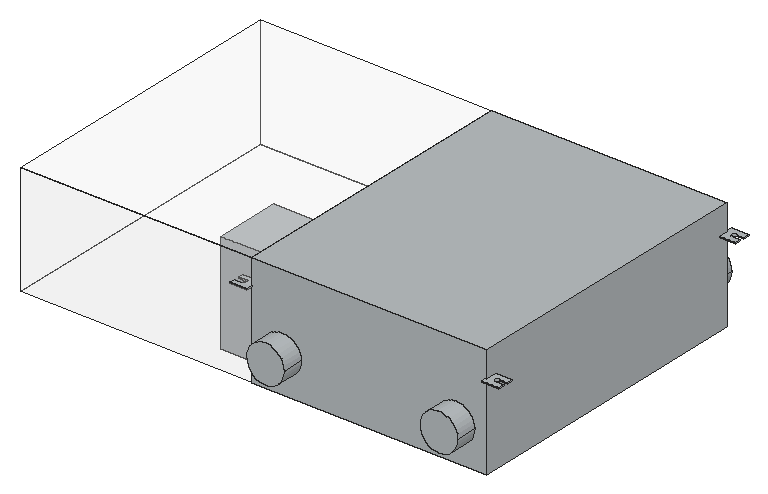
Revit family "lgh-n15_100rx4(d)_50Hz", category 機械設備, Revit 2019
Family settings
  丸型コネクタ寸法 = 直径を使用
  パーツ タイプ = 標準
  OmniClass 番号 = 23.75.10.34.21
  OmniClass タイトル = Heat Exchangers for Ventilation Air
  作業面ベース = いいえ
  常に垂直 = はい
  ロード時にボイドで切り取り = いいえ
  共有 = いいえ
  部屋計算ポイント = はい
Parameters (values of type "LGH-N15RX4")
  騒音レベル(dB(A)) = 26.5
  風量 = 150.0 m³/h
  面風速 = 5.31 m/s
  電源種別 [instance] = "一般"
  電圧 = 100 V
  電動機出力 = 0 W
  集中コントローラ = ""
  運転質量 = 0.00 kg
  連動 [instance] = ""
  質量 = if(製品質量 > 運転質量, 製品質量, 運転質量) * 1.2  # 26.40 kg
  負荷分類 = 3_ファン類
  説明 = "業務用ロスナイ 天井埋込形"
  設計風量 = 0.0 m³/h
  設置方法 = "天井吊(隠ぺい)形"
  記号 [instance] = ""
  製造元 = "MITSIBISHI ELECTRIC"
  製品質量 = 22.00 kg
  製品出荷対象 = "国内"
  製品リリース年月 = "2023/5/15"
  製品グループ = ""
  系統 [instance] = ""
  符号 = "HEU"
  積算_科目 = "1 空気調和設備"
  積算_拾い区分 [instance] = ""
  相 = 1
  盤記号 [instance] = ""
  発停方法 [instance] = ""
  特殊仕様 [instance] = ""
  点検口高さ = -Height  # -289 mm
  点検口離隔 = 150 mm
  点検口_Depth = 450 mm
  点検口 = yes
  火災停止 [instance] = ""
  温度交換効率 = 74.00%
  消費電力 = 102 W
  法定耐用年数 = "15"
  機外静圧_排気 = 115.0 Pa
  機外静圧 = 115.0 Pa
  極数 = 2
  材質 [instance] = ""
  本体マテリアル = 溶融亜鉛めっき鋼板
  操作・制御方式 = ""
  操作・制御スイッチ = ""
  排気量 = 0.0 m³/h
  形式 = "天井埋込ダクト形"
  幹線記号 [instance] = ""
  対象室 [instance] = ""
  実風量 = 0.0 m³/h
  始動方式 [instance] = "直入"
  天吊金具_径 = 13 mm
  天吊金具_幅 = 20 mm
  外気量 = 設計風量  # 0.0 m³/h
  呼称 = "全熱交換ユニット"
  周波数 = 50 Hz
  天吊金具ピッチ2 = 768 mm
  天吊金具ピッチ1 = 658 mm
  天吊金具_高さ = 65 mm
  参照している仕様書等のバージョン = "公共建築工事標準仕様書（機械設備工事編）平成31年度版"
  初期抵抗 = 0.0 Pa
  分類コード = "50052504100070"
  分類グループ = ""
  価格 = 274000
  企業コード = "108420"
  付属品_フィルター_還気 = ""
  付属品_フィルター = ""
  付属品 [instance] = ""
  仕様書バージョン = "Version1.0"
  モデル = "LGH-N15RX4"
  メンテナンススペース = yes
  ダクト径 = 100 mm
  コメント [instance] = ""
  Keynote = ""
  エンタルピ交換効率_暖房 = 75.50%
  エンタルピ交換効率_冷房 = 64.50%
  Assembly Code = ""
  Width = 610 mm
  Version = ""
  Uniclass2015Version = "Systems v1.9"
  Uniclass2015Title = "Thermal wheels"
  Uniclass2015Code = "Pr_60_60_36_88"
  URL = "https://www.mitsubishielectric.co.jp/ldg/wink/qr/002/324469/"
  SpecificationReference = ""
  SpecificationDescription = ""
  SMAX風量 = 0.0 m³/h
  SMAX静圧 = 0.0 Pa
  SAサイズ_D = 97.5 mm
  Revision = ""
  RAサイズ_D = 97.5 mm
  ProductInformation = ""
  OmniClassCode = "23-27 23 19 11"
  OAダクト接続口方向_標準 = yes
  OAダクト接続口方向_変更 = not(OAダクト接続口方向_標準)  # no
  OAサイズ_W = 0 mm
  OAサイズ_D = 97.5 mm
  MIN風量 = 85.0 m³/h
  MIN静圧 = 37.0 Pa
  MID風量 = 110.0 m³/h
  MID静圧 = 62.0 Pa
  MAX風量 = 150.0 m³/h
  MAX静圧 = 115.0 Pa
  IfcTypeProduct = ""
  IfcProduct = ""
  IfcExportType = "ROTARYWHEEL"
  IfcExportAs = "IfcAirToAirHeatRecoveryType"
  Height = 289 mm
  EAダクト接続口方向_変更 = not(EAダクト接続口方向_標準)  # no
  EAダクト接続口方向_標準 = yes
  EAサイズ_W = 0 mm
  EAサイズ_D = 97.5 mm
  Duct_Pitch = 450 mm
  Duct_Height = 194.5 mm
  Duct_Depth = 54 mm
  DuctChange_Center = 119 mm
  Depth = 780 mm
  Clearance Top = 0 mm
  Clearance Left = 600 mm
  Clearance Bottom = 0 mm
  Box_Width = 115 mm
  Box_Height = 262 mm
  Box_H = 10 mm
  Box_Depth = 172 mm
  Box_D = 45 mm
  Author = "MITSUBISHI ELECTRIC"
Types (14, lengths in mm): name | 騒音レベル(dB(A)) | 風量 | 面風速 | 電圧 | 質量 | 製品質量 | 点検口高さ | 温度交換効率 | 消費電力 | 機外静圧_排気 | 機外静圧 | 極数 | 天吊金具ピッチ2 | 天吊金具ピッチ1 | 天吊金具_高さ | 参照している仕様書等のバージョン | 価格 | モデル | ダクト径 | エンタルピ交換効率_暖房 | エンタルピ交換効率_冷房 | Width | URL | SMAX風量 | SMAX静圧 | SAサイズ_D | RAサイズ_D | OAサイズ_D | MIN風量 | MIN静圧 | MID風量 | MID静圧 | MAX風量 | MAX静圧 | Height | EAサイズ_D | Duct_Pitch | Duct_Height | Duct_Depth | DuctChange_Center | Depth | Box_H | Box_D
  LGH-N15RX4 | 26.5 | 150.0 m³/h | 5.31 m/s | 100 V | 26.40 kg | 22.00 kg | -289 | 74.00% | 102 W | 115.0 Pa | 115.0 Pa | 2 | 768 | 658 | 65 | "公共建築工事標準仕様書（機械設備工事編）平成31年度版" | 274000 | "LGH-N15RX4" | 100 | 75.50% | 64.50% | 610 | "https://www.mitsubishielectric.co.jp/ldg/wink/qr/002/324469/" | 0.0 m³/h | 0.0 Pa | 97.5 | 97.5 | 97.5 | 85.0 m³/h | 37.0 Pa | 110.0 m³/h | 62.0 Pa | 150.0 m³/h | 115.0 Pa | 289 | 97.5 | 450 | 194.5 | 54 | 119 | 780 | 10 | 45
  LGH-N15RX4D | 26.5 | 150.0 m³/h | 5.31 m/s | 200 V | 26.40 kg | 22.00 kg | -289 | 74.00% | 108 W | 115.0 Pa | 115.0 Pa | 3 | 768 | 658 | 65 | "公共建築工事標準仕様書（機械設備工事編）平成31年度版" | 274000 | "LGH-N15RX4D" | 100 | 75.50% | 64.50% | 610 | "https://www.mitsubishielectric.co.jp/ldg/wink/qr/002/324470/" | 0.0 m³/h | 0.0 Pa | 97.5 | 97.5 | 97.5 | 95.0 m³/h | 46.0 Pa | 110.0 m³/h | 62.0 Pa | 150.0 m³/h | 115.0 Pa | 289 | 97.5 | 450 | 194.5 | 54 | 119 | 780 | 10 | 45
  LGH-N25RX4 | 28.5 | 250.0 m³/h | 3.93 m/s | 100 V | 27.60 kg | 23.00 kg | -289 | 70.00% | 115 W | 95.0 Pa | 95.0 Pa | 2 | 768 | 782 | 65 | "公共建築工事標準仕様書（機械設備工事編）平成31年度版" | 298000 | "LGH-N25RX4" | 150 | 73.00% | 63.00% | 735 | "https://www.mitsubishielectric.co.jp/ldg/wink/qr/002/324472/" | 0.0 m³/h | 0.0 Pa | 142 | 142 | 142 | 130.0 m³/h | 26.0 Pa | 170.0 m³/h | 44.0 Pa | 250.0 m³/h | 95.0 Pa | 289 | 142 | 530 | 174.5 | 64 | 102 | 780 | 10 | 45
  LGH-N25RX4D | 28.5 | 250.0 m³/h | 3.93 m/s | 200 V | 27.60 kg | 23.00 kg | -289 | 70.00% | 132 W | 95.0 Pa | 95.0 Pa | 3 | 768 | 782 | 65 | "公共建築工事標準仕様書（機械設備工事編）平成31年度版" | 298000 | "LGH-N25RX4D" | 150 | 73.00% | 63.00% | 735 | "https://www.mitsubishielectric.co.jp/ldg/wink/qr/002/324473/" | 0.0 m³/h | 0.0 Pa | 142 | 142 | 142 | 130.0 m³/h | 26.0 Pa | 170.0 m³/h | 44.0 Pa | 250.0 m³/h | 95.0 Pa | 289 | 142 | 530 | 174.5 | 64 | 102 | 780 | 10 | 45
  LGH-N35RX4 | 31 | 350.0 m³/h | 5.5 m/s | 100 V | 38.40 kg | 32.00 kg | -331 | 71.50% | 194 W | 165.0 Pa | 165.0 Pa | 2 | 875 | 921 | 85 | "公共建築工事標準仕様書（機械設備工事編）平成31年度版" | 329000 | "LGH-N35RX4" | 150 | 76.00% | 64.00% | 874 | "https://www.mitsubishielectric.co.jp/ldg/wink/qr/002/324474/" | 350.0 m³/h | 165.0 Pa | 142 | 142 | 142 | 160.0 m³/h | 30.0 Pa | 225.0 m³/h | 60.0 Pa | 350.0 m³/h | 145.0 Pa | 331 | 142 | 650 | 220.5 | 64 | 124 | 888 | 57.3 | 51.2
  LGH-N35RX4D | 31 | 350.0 m³/h | 5.5 m/s | 200 V | 38.40 kg | 32.00 kg | -331 | 71.50% | 182 W | 165.0 Pa | 165.0 Pa | 3 | 875 | 921 | 85 | "公共建築工事標準仕様書（機械設備工事編）平成31年度版" | 329000 | "LGH-N35RX4D" | 150 | 76.00% | 64.00% | 874 | "https://www.mitsubishielectric.co.jp/ldg/wink/qr/002/324475/" | 350.0 m³/h | 165.0 Pa | 142 | 142 | 142 | 175.0 m³/h | 36.0 Pa | 200.0 m³/h | 47.0 Pa | 350.0 m³/h | 145.0 Pa | 331 | 142 | 650 | 220.5 | 64 | 124 | 888 | 57.3 | 51.2
  LGH-N50RX4 | 36 | 500.0 m³/h | 4.42 m/s | 100 V | 43.20 kg | 36.00 kg | -331 | 71.00% | 258 W | 160.0 Pa | 160.0 Pa | 2 | 875 | 1063 | 85 | "公共建築工事標準仕様書（機械設備工事編）平成31年度版" | 403000 | "LGH-N50RX4" | 200 | 73.00% | 63.00% | 1016 | "https://www.mitsubishielectric.co.jp/ldg/wink/qr/002/324476/" | 500.0 m³/h | 160.0 Pa | 192 | 192 | 192 | 235.0 m³/h | 31.0 Pa | 385.0 m³/h | 83.0 Pa | 500.0 m³/h | 140.0 Pa | 331 | 192 | 745 | 195.5 | 79 | 124 | 888 | 57.3 | 51.2
  LGH-N50RX4D | 35.5 | 500.0 m³/h | 4.42 m/s | 200 V | 43.20 kg | 36.00 kg | -331 | 71.00% | 248 W | 160.0 Pa | 160.0 Pa | 3 | 875 | 1063 | 85 | "公共建築工事標準仕様書（機械設備工事編）平成31年度版" | 403000 | "LGH-N50RX4D" | 200 | 73.00% | 63.00% | 1016 | "https://www.mitsubishielectric.co.jp/ldg/wink/qr/002/324477/" | 500.0 m³/h | 160.0 Pa | 192 | 192 | 192 | 260.0 m³/h | 38.0 Pa | 300.0 m³/h | 50.0 Pa | 500.0 m³/h | 140.0 Pa | 331 | 192 | 745 | 195.5 | 79 | 124 | 888 | 57.3 | 51.2
  LGH-N65RX4 | 37 | 650.0 m³/h | 5.75 m/s | 100 V | 57.60 kg | 48.00 kg | -404 | 71.50% | 395 W | 180.0 Pa | 180.0 Pa | 2 | 895 | 1001 | 70 | "公共建築工事標準仕様書（機械設備工事編）平成31年度版" | 542000 | "LGH-N65RX4" | 200 | 72.00% | 63.00% | 954 | "https://www.mitsubishielectric.co.jp/ldg/wink/qr/002/324478/" | 650.0 m³/h | 180.0 Pa | 192 | 192 | 192 | 340.0 m³/h | 45.0 Pa | 490.0 m³/h | 94.0 Pa | 650.0 m³/h | 165.0 Pa | 404 | 192 | 692 | 242 | 79 | 124 | 908 | 71.3 | 44.3
  LGH-N65RX4D | 37 | 650.0 m³/h | 5.75 m/s | 200 V | 57.60 kg | 48.00 kg | -404 | 71.50% | 395 W | 180.0 Pa | 180.0 Pa | 3 | 895 | 1001 | 70 | "公共建築工事標準仕様書（機械設備工事編）平成31年度版" | 542000 | "LGH-N65RX4D" | 200 | 72.00% | 63.00% | 954 | "https://www.mitsubishielectric.co.jp/ldg/wink/qr/002/324479/" | 650.0 m³/h | 180.0 Pa | 192 | 192 | 192 | 360.0 m³/h | 51.0 Pa | 500.0 m³/h | 98.0 Pa | 650.0 m³/h | 165.0 Pa | 404 | 192 | 692 | 242 | 79 | 124 | 908 | 71.3 | 44.3
  LGH-N80RX4 | 35 | 800.0 m³/h | 4.53 m/s | 100 V | 69.60 kg | 58.00 kg | -404 | 73.00% | 430 W | 170.0 Pa | 170.0 Pa | 2 | 1131 | 1051 | 77 | "公共建築工事標準仕様書（機械設備工事編）平成31年度版" | 646000 | "LGH-N80RX4" | 250 | 75.00% | 65.00% | 1004 | "https://www.mitsubishielectric.co.jp/ldg/wink/qr/002/324480/" | 800.0 m³/h | 170.0 Pa | 242 | 242 | 242 | 380.0 m³/h | 34.0 Pa | 660.0 m³/h | 102.0 Pa | 800.0 m³/h | 150.0 Pa | 404 | 242 | 690 | 242 | 79 | 165 | 1144 | 125 | 144
  LGH-N80RX4D | 35.5 | 800.0 m³/h | 4.53 m/s | 200 V | 69.60 kg | 58.00 kg | -404 | 73.00% | 410 W | 170.0 Pa | 170.0 Pa | 3 | 1131 | 1051 | 77 | "公共建築工事標準仕様書（機械設備工事編）平成31年度版" | 646000 | "LGH-N80RX4D" | 250 | 75.00% | 65.00% | 1004 | "https://www.mitsubishielectric.co.jp/ldg/wink/qr/002/324481/" | 800.0 m³/h | 170.0 Pa | 242 | 242 | 242 | 390.0 m³/h | 36.0 Pa | 630.0 m³/h | 93.0 Pa | 800.0 m³/h | 150.0 Pa | 404 | 242 | 690 | 242 | 79 | 165 | 1144 | 125 | 144
  LGH-N100RX4 | 36.5 | 1000.0 m³/h | 5.66 m/s | 100 V | 76.80 kg | 64.00 kg | -404 | 73.00% | 535 W | 170.0 Pa | 170.0 Pa | 2 | 1131 | 1278 | 77 | "" | 737000 | "LGH-N100RX4" | 250 | 75.00% | 65.00% | 1231 | "https://www.mitsubishielectric.co.jp/ldg/wink/qr/002/324466/" | 1000.0 m³/h | 170.0 Pa | 242 | 242 | 242 | 470.0 m³/h | 33.0 Pa | 740.0 m³/h | 82.0 Pa | 1000.0 m³/h | 150.0 Pa | 404 | 242 | 917 | 242 | 79 | 165 | 1144 | 125 | 144
  LGH-N100RX4D | 36.5 | 1000.0 m³/h | 5.66 m/s | 200 V | 76.80 kg | 64.00 kg | -404 | 73.00% | 525 W | 170.0 Pa | 170.0 Pa | 3 | 1131 | 1278 | 77 | "" | 737000 | "LGH-N100RX4D" | 250 | 75.00% | 65.00% | 1231 | "https://www.mitsubishielectric.co.jp/ldg/wink/qr/002/324467/" | 1000.0 m³/h | 170.0 Pa | 242 | 242 | 242 | 420.0 m³/h | 26.0 Pa | 700.0 m³/h | 74.0 Pa | 1000.0 m³/h | 150.0 Pa | 404 | 242 | 917 | 242 | 79 | 165 | 1144 | 125 | 144
Reference planes
  plane 1 "中心(正面/背面)": y = 0
  plane 2: z = 0
  plane 3 "中心(左/右)": x = 0
  plane 4: x = -305
  plane 5: x = 305
  plane 6: y = 390
  plane 7: y = -390
  plane 8: z = -289
  plane 9: z = -194.5
  plane 10: x = -225
  plane 11: x = 225
  plane 12: y = -444
  plane 13: y = 444
  plane 14: y = 271
  plane 15: x = -359
  plane 16: x = 359
  plane 17: x = -905
  plane 18: y = -345
  plane 19: y = -173
  plane 20: z = -10
  plane 21: z = -272
  plane 22: x = -420
  plane 23: x = -455
  plane 24: y = 225
  plane 25: x = -329
  plane 26: x = 329
  plane 27: y = 384
  plane 28: y = -384
  plane 29: y = -225
  plane 30: x = -349
  plane 31: y = 404
  plane 32: y = 364
  plane 33: y = -364
  plane 34: y = -404
  plane 35: z = -5
  plane 36: z = -65
  plane 37: z = -68
  plane 38: x = 349
  plane 39: z = 0
  plane 40: z = -289
Forms (mm)
  Extrusion 1, solid, material "溶融亜鉛めっき鋼板" <- "本体マテリアル", detail levels fine
    sketch origin (0, 0, 0) x (1, 0, 0) y (0, 1, 0)
      loop
        line (-305, 390) -> (-305, -390) -> (305, -390) -> (305, 390) -> (-305, 390)
    from 0 to -289
  Extrusion 2, solid, material "溶融亜鉛めっき鋼板" <- "本体マテリアル", detail levels fine
    sketch origin (510, -445, 0) x (-1, 0, 0) y (0, 0, -1)
      loop
        circle (285, 194.5) r 48.75
    from -55 to -1
  Extrusion 3, solid, material "溶融亜鉛めっき鋼板" <- "本体マテリアル", detail levels fine
    sketch origin (-305, -390, 0) x (0, 1, 0) y (0, 0, -1)
      loop
        line (217, 10) -> (217, 272) -> (45, 272) -> (45, 10) -> (217, 10)
    from 0 to 115
  Extrusion 4, solid, material "溶融亜鉛めっき鋼板" <- "本体マテリアル", detail levels fine
    sketch origin (0, 0, 0) x (1, 0, 0) y (0, 1, 0)
      loop
        line (-349, 404) -> (-349, 390.5) -> (-329, 390.5)
        arc (-329, 390.5) -> (-322.5, 384) -> (-329, 377.5) r 6.5
        line (-329, 377.5) -> (-349, 377.5) -> (-349, 364) -> (-305, 364) -> (-305, 404) -> (-349, 404)
    from -65 to -68
  Extrusion 5, solid, material "溶融亜鉛めっき鋼板" <- "本体マテリアル", detail levels fine
    sketch origin (0, 0, 0) x (1, 0, 0) y (0, 1, 0)
      loop
        line (-349, -404) -> (-305, -404) -> (-305, -364) -> (-349, -364) -> (-349, -377.5) -> (-329, -377.5)
        arc (-329, -377.5) -> (-322.5, -384) -> (-329, -390.5) r 6.5
        line (-329, -390.5) -> (-349, -390.5) -> (-349, -404)
    from -65 to -68
  Extrusion 6, solid, material "溶融亜鉛めっき鋼板" <- "本体マテリアル", detail levels fine
    sketch origin (0, 0, 0) x (-1, 0, 0) y (0, -1, 0)
      loop
        line (-349, 404) -> (-349, 390.5) -> (-329, 390.5)
        arc (-329, 390.5) -> (-322.5, 384) -> (-329, 377.5) r 6.5
        line (-329, 377.5) -> (-349, 377.5) -> (-349, 364) -> (-305, 364) -> (-305, 404) -> (-349, 404)
    from -65 to -68
  Extrusion 7, solid, material "溶融亜鉛めっき鋼板" <- "本体マテリアル", detail levels fine
    sketch origin (0, 0, 0) x (-1, 0, 0) y (0, -1, 0)
      loop
        line (-349, -404) -> (-305, -404) -> (-305, -364) -> (-349, -364) -> (-349, -377.5) -> (-329, -377.5)
        arc (-329, -377.5) -> (-322.5, -384) -> (-329, -390.5) r 6.5
        line (-329, -390.5) -> (-349, -390.5) -> (-349, -404)
    from -65 to -68
  Extrusion 8, solid, material "溶融亜鉛めっき鋼板" <- "本体マテリアル", visible <- "EAダクト接続口方向_標準", detail levels fine
    sketch origin (510, 445, 0) x (-1, 0, 0) y (0, 0, 1)
      loop
        circle (285, -194.5) r 48.75
    from -55 to -1
  Extrusion 9, solid, material "溶融亜鉛めっき鋼板" <- "本体マテリアル", visible <- "OAダクト接続口方向_標準", detail levels fine
    sketch origin (-510, 445, 0) x (1, 0, 0) y (0, 0, -1)
      loop
        circle (285, 194.5) r 48.75
    from -55 to -1
  Extrusion 10, solid, material "溶融亜鉛めっき鋼板" <- "本体マテリアル", detail levels fine
    sketch origin (-510, -445, 0) x (1, 0, 0) y (0, 0, 1)
      loop
        circle (285, -194.5) r 48.75
    from -55 to -1
  Extrusion 11, solid, material "溶融亜鉛めっき鋼板" <- "本体マテリアル", visible <- "EAダクト接続口方向_変更", detail levels fine
    sketch origin (0, 0, 0) x (0, 1, 0) y (0, 0, 1)
      loop
        circle (271, -194.5) r 48.75
    from 305 to 359
  Extrusion 12, solid, material "溶融亜鉛めっき鋼板" <- "本体マテリアル", visible <- "OAダクト接続口方向_変更", detail levels fine
    sketch origin (0, 0, 0) x (0, 1, 0) y (0, 0, -1)
      loop
        circle (271, 194.5) r 48.75
    from 305 to 359
Lines and regions (mm)
  Masking region 1, detail levels coarse+medium
    outline origin (1326.5, 29, 0) x (1, 0, 0) y (0, 1, 0)
      loop
        line (-1631.5, 361) -> (-1631.5, -419) -> (-1021.5, -419) -> (-1021.5, 361) -> (-1631.5, 361)
  symbolic lines, detail levels coarse+medium
    curve 1: line (0, 390, 0) -> (-305, 0, 0)
    curve 2: line (-305, 0, 0) -> (0, -390, 0)
    curve 3: line (0, -390, 0) -> (305, 0, 0)
    curve 4: line (305, 0, 0) -> (0, 390, 0)
Dimensions and locks
  equal spacing: plane 4, plane 3 "中心(左/右)", plane 5
  "Width": plane 4 to plane 5
  equal spacing: plane 6, plane 1 "中心(正面/背面)", plane 7
  "Depth": plane 6 to plane 7
  "Height": level to plane 8
  "Duct_Height": level to plane 9
  equal spacing: plane 11, plane 3 "中心(左/右)", plane 10
  "Duct_Pitch": plane 11 to plane 10
  "Duct_Depth": plane 13 to plane 6
  "Duct_Depth": plane 7 to plane 12
  "DuctChange_Center": plane 6 to plane 14
  "Duct_Depth": plane 5 to plane 16
  "Duct_Depth": plane 15 to plane 4
  "Clearance Left": plane 17 to plane 4
  "Box_H": level to plane 20
  "Box_Height": plane 20 to plane 21
  "Box_D": plane 18 to plane 7
  "Box_Depth": plane 19 to plane 18
  "Box_Width": plane 22 to plane 4
  "点検口離隔": plane 23 to plane 4
  equal spacing: plane 25, plane 3 "中心(左/右)", plane 26
  "天吊金具ピッチ1": plane 25 to plane 26
  equal spacing: plane 27, plane 1 "中心(正面/背面)", plane 28
  "天吊金具ピッチ2": plane 27 to plane 28
  equal spacing: plane 24, plane 1 "中心(正面/背面)", plane 29
  "点検口_Depth": plane 24 to plane 29
  equal spacing: plane 31, plane 27, plane 32
  locked: plane 31 to plane 32 at 40
  "天吊金具_幅": plane 30 to plane 25
  "天吊金具_高さ": level to plane 36
  locked: plane 36 to plane 37 at 3
  equal spacing: plane 33, plane 28, plane 34
  locked: plane 33 to plane 34 at 40
  "天吊金具_幅": plane 26 to plane 38
  "Clearance Top": plane 39 to level
  "Clearance Bottom": plane 8 to plane 40
  "RAサイズ_D": diameter of Extrusion 2 sketch curve
  "EAサイズ_D": diameter of Extrusion 8 sketch curve
  "OAサイズ_D": diameter of Extrusion 9 sketch curve
  "SAサイズ_D": diameter of Extrusion 10 sketch curve
  "EAサイズ_D": diameter of Extrusion 11 sketch curve
  "EAサイズ_D": diameter of Extrusion 12 sketch curve
  "天吊金具_径": diameter of Extrusion 7 sketch curve
  "天吊金具_径": diameter of Extrusion 4 sketch curve
  "天吊金具_径": diameter of Extrusion 5 sketch curve
  "天吊金具_径": diameter of Extrusion 6 sketch curve
  aligned and locked: level to plane 2
  aligned and locked: Extrusion 1 to plane 8
  aligned and locked: plane 7 to Extrusion 2
  aligned and locked: Extrusion 2 to plane 12
  aligned and locked: plane 17 to nested 1
  aligned and locked: plane 4 to nested 1
  aligned and locked: nested 1 to plane 6
  aligned and locked: nested 1 to plane 7
  aligned and locked: Extrusion 3 to plane 22
  aligned and locked: plane 4 to Extrusion 3
  aligned and locked: Masking region 1 to plane 4
  aligned and locked: plane 5 to Masking region 1
  aligned and locked: plane 6 to Masking region 1
  aligned and locked: Masking region 1 to plane 7
  aligned and locked: plane 26 to nested 2
  aligned and locked: plane 25 to nested 2
  aligned and locked: nested 2 to plane 28
  aligned and locked: plane 27 to nested 2
  aligned and locked: Extrusion 3 to plane 19
  aligned and locked: Extrusion 3 to plane 21
  aligned and locked: plane 20 to Extrusion 3
  aligned and locked: plane 18 to Extrusion 3
  aligned and locked: plane 23 to nested 3
  aligned and locked: plane 17 to nested 3
  aligned and locked: plane 24 to nested 3
  aligned and locked: nested 3 to plane 29
  aligned and locked: plane 4 to Extrusion 4
  aligned and locked: Extrusion 4 to plane 30  (x2)
  aligned and locked: plane 31 to Extrusion 4
  aligned and locked: Extrusion 4 to plane 36
  aligned and locked: Extrusion 4 to plane 37
  aligned and locked: plane 4 to Extrusion 5
  aligned and locked: plane 33 to Extrusion 5
  aligned and locked: Extrusion 5 to plane 34
  aligned and locked: Extrusion 5 to plane 30  (x2)
  aligned and locked: Extrusion 5 to Extrusion 4  (x2)
  aligned and locked: Extrusion 7 to plane 38  (x2)
  aligned and locked: Extrusion 7 to plane 32
  aligned and locked: plane 31 to Extrusion 7
  aligned and locked: Extrusion 6 to plane 38
  aligned and locked: Extrusion 6 to plane 34
  aligned and locked: Extrusion 6 to plane 5
  aligned and locked: plane 33 to Extrusion 6
  aligned and locked: Extrusion 6 to plane 37
  aligned and locked: plane 36 to Extrusion 6
  aligned and locked: Extrusion 7 to plane 37
  aligned and locked: plane 36 to Extrusion 7
  aligned and locked: plane 13 to Extrusion 8
  aligned and locked: Extrusion 8 to plane 6
  aligned and locked: plane 13 to Extrusion 9
  aligned and locked: Extrusion 9 to plane 6
  aligned and locked: Extrusion 10 to plane 12
  aligned and locked: plane 7 to Extrusion 10
  aligned and locked: plane 16 to Extrusion 11
  aligned and locked: Extrusion 11 to plane 5
  aligned and locked: plane 4 to Extrusion 12
  aligned and locked: Extrusion 12 to plane 15
  aligned and locked: Extrusion 7 sketch curve to Extrusion 7 sketch curve
  aligned and locked: plane 38 to Extrusion 7 sketch curve
  aligned and locked: plane 25 to Extrusion 4 sketch curve
  aligned and locked: plane 30 to Extrusion 5 sketch curve
  aligned and locked: plane 26 to Extrusion 6 sketch curve
  aligned and locked: plane 40 to nested 1
  aligned and locked: plane 39 to nested 1
Automatic sketch dimensions
  plane 1 "中心(正面/背面)" to curve 1 = 0 mm
  curve 1 to plane 4 = 0 mm
  curve 2 to plane 3 "中心(左/右)" = 0 mm
  curve 4 to plane 3 "中心(左/右)" = 0 mm
  plane 1 "中心(正面/背面)" to curve 4 = 0 mm
  curve 4 to plane 5 = 0 mm
  curve 2 to plane 7 = 0 mm
  curve 4 to plane 6 = 0 mm
  Extrusion 1 sketch curve to plane 4 = 0 mm
  Extrusion 1 sketch curve to plane 5 = 0 mm
  Extrusion 1 sketch curve to plane 7 = 0 mm
  Extrusion 1 sketch curve to plane 6 = 0 mm
  Extrusion 2 sketch curve to plane 9 = 0 mm
  Extrusion 2 sketch curve to plane 11 = 0 mm
  Extrusion 3 sketch curve to Extrusion 1 = 45 mm
  Extrusion 1 to Extrusion 3 sketch curve = 17 mm
  Extrusion 3 sketch curve to Extrusion 3 sketch curve = 172 mm
  Extrusion 1 to Extrusion 3 sketch curve = 10 mm
  Masking region 1 sketch curve to plane 4 = 0 mm
  Masking region 1 sketch curve to plane 5 = 0 mm
  Masking region 1 sketch curve to plane 7 = 0 mm
  Masking region 1 sketch curve to plane 6 = 0 mm
  Extrusion 8 sketch curve to plane 9 = 0 mm
  Extrusion 8 sketch curve to plane 11 = 0 mm
  Extrusion 9 sketch curve to plane 9 = 0 mm
  Extrusion 9 sketch curve to plane 10 = 0 mm
  Extrusion 10 sketch curve to plane 9 = 0 mm
  Extrusion 10 sketch curve to plane 10 = 0 mm
  Extrusion 11 sketch curve to plane 9 = 0 mm
  Extrusion 11 sketch curve to plane 14 = 0 mm
  Extrusion 12 sketch curve to plane 9 = 0 mm
  Extrusion 12 sketch curve to plane 14 = 0 mm
  Extrusion 7 sketch curve to plane 26 = 0 mm
  Extrusion 7 sketch curve to plane 5 = 0 mm
  Extrusion 7 sketch curve to plane 32 = 0 mm
  Extrusion 7 sketch curve to plane 27 = 0 mm
  Extrusion 7 sketch curve to plane 31 = 0 mm
  Extrusion 4 sketch curve to plane 30 = 0 mm  (x2)
  Extrusion 4 sketch curve to plane 25 = 0 mm
  Extrusion 4 sketch curve to plane 4 = 0 mm
  Extrusion 4 sketch curve to plane 32 = 0 mm
  Extrusion 4 sketch curve to plane 27 = 0 mm
  Extrusion 4 sketch curve to plane 31 = 0 mm
  Extrusion 5 sketch curve to plane 30 = 0 mm
  Extrusion 5 sketch curve to plane 25 = 0 mm
  Extrusion 5 sketch curve to plane 4 = 0 mm
  Extrusion 5 sketch curve to plane 33 = 0 mm
  Extrusion 5 sketch curve to plane 28 = 0 mm
  Extrusion 5 sketch curve to plane 34 = 0 mm
  Extrusion 6 sketch curve to plane 34 = 0 mm
  Extrusion 6 sketch curve to plane 38 = 0 mm  (x2)
  Extrusion 6 sketch curve to plane 5 = 0 mm
  Extrusion 6 sketch curve to plane 33 = 0 mm
  Extrusion 6 sketch curve to plane 28 = 0 mm
Nested families
  nested 1: "メンテナンススペース" at (-605, 0, -144.5), visible <- "メンテナンススペース", type "メンテナンススペース"
    with Width 600 mm, Height 289 mm, Depth 780 mm
  nested 2: "固定点" at (-329, -384, 0), type "固定点"
    with W 658 mm, D 768 mm
  nested 3: "点検口設置範囲" at (-680, 0, -289), built-in parameter 1001364 <- "点検口高さ", visible <- "点検口", type "点検口設置範囲"
    with Width 450 mm, Depth 450 mm
Connectors
  hvac at (225, -444, -194.5), driven by "ダクト径", driven by "機外静圧", driven by "風量"
    settings: on Extrusion 2, index 2, duct flow 150.0 m³/h, flow factor 0, pres drop 115.0 Pa, loss coef 0, conn angle 0.00°, conn width 304.8 mm, conn height 304.8 mm, conn diameter 100 mm, duct sys type 2, conn prof type 0, flow config 0, flow direction 1, loss method 4, conn ref index -1, conn util no, is conn primary yes, conn desc ""
  electrical at (-362.5, -345, -141), driven by "負荷分類", driven by "相", driven by "電圧", driven by "消費電力"
    settings: on Extrusion 3, index 7, voltage 100 V, apparent load 102 VA, apparent load phase1 0 VA, apparent load phase2 0 VA, apparent load phase3 0 VA, power factor 1, load classification "3_ファン類", number of poles 1, system type 30, power factor state 1, is connector primary yes, connector utility no, sub classification motor no, connector description ""
  hvac at (225, 444, -194.5), driven by "ダクト径", driven by "排気量", driven by "機外静圧_排気"
    settings: on Extrusion 8, index 8, duct flow 0.0 m³/h, flow factor 0, pres drop 115.0 Pa, loss coef 0, conn angle 0.00°, conn width 304.8 mm, conn height 304.8 mm, conn diameter 100 mm, duct sys type 3, conn prof type 0, flow config 0, flow direction 2, loss method 4, conn ref index -1, conn util no, is conn primary no, conn desc ""
  hvac at (-225, 444, -194.5), driven by "ダクト径", driven by "外気量", driven by "機外静圧"
    settings: on Extrusion 9, index 9, duct flow 0.0 m³/h, flow factor 0, pres drop 115.0 Pa, loss coef 0, conn angle 0.00°, conn width 304.8 mm, conn height 304.8 mm, conn diameter 100 mm, duct sys type 4, conn prof type 0, flow config 0, flow direction 1, loss method 4, conn ref index -1, conn util no, is conn primary no, conn desc ""
  hvac at (-225, -444, -194.5), driven by "ダクト径", driven by "風量", driven by "機外静圧"
    settings: on Extrusion 10, index 10, duct flow 150.0 m³/h, flow factor 0, pres drop 115.0 Pa, loss coef 0, conn angle 0.00°, conn width 304.8 mm, conn height 304.8 mm, conn diameter 100 mm, duct sys type 1, conn prof type 0, flow config 0, flow direction 2, loss method 4, conn ref index -1, conn util no, is conn primary no, conn desc ""
  hvac at (359, 271, -194.5), driven by "ダクト径", driven by "機外静圧_排気", driven by "排気量"
    settings: on Extrusion 11, index 11, duct flow 0.0 m³/h, flow factor 0, pres drop 115.0 Pa, loss coef 0, conn angle 0.00°, conn width 304.8 mm, conn height 304.8 mm, conn diameter 100 mm, duct sys type 3, conn prof type 0, flow config 0, flow direction 2, loss method 4, conn ref index -1, conn util no, is conn primary no, conn desc ""
  hvac at (-359, 271, -194.5), driven by "ダクト径", driven by "機外静圧", driven by "外気量"
    settings: on Extrusion 12, index 12, duct flow 0.0 m³/h, flow factor 0, pres drop 115.0 Pa, loss coef 0, conn angle 0.00°, conn width 304.8 mm, conn height 304.8 mm, conn diameter 100 mm, duct sys type 4, conn prof type 0, flow config 0, flow direction 1, loss method 4, conn ref index -1, conn util no, is conn primary no, conn desc ""
Definition of nested family "メンテナンススペース"
  Parameters (values of type "メンテナンススペース")
    Width [instance] = 500 mm
    Height [instance] = 500 mm
    Depth [instance] = 500 mm
  Reference planes
    plane 1 "中心(正面/背面)": y = 0
    plane 2: z = 0
    plane 3 "中心(左/右)": x = 0
    plane 4: y = -250
    plane 5: x = 250
    plane 6: y = 250
    plane 7: x = -250
    plane 8: z = 250
    plane 9: z = -250
  Forms (mm)
    Extrusion 1, solid
      sketch origin (-638.939, 0, 72.39) x (1, 0, 0) y (0, 1, 0)
        loop
          line (388.939, 250) -> (388.939, -250) -> (888.939, -250) -> (888.939, 250) -> (388.939, 250)
      from -322.39 to 177.61
  Lines and regions (mm)
    symbolic lines
      curve 1: line (-250, 0, 250) -> (250, 0, 250)
      curve 2: line (-250, 0, -250) -> (-250, 0, 250)
      curve 3: line (250, 0, -250) -> (-250, 0, -250)
      curve 4: line (250, 0, 250) -> (250, 0, -250)
      curve 5: line (0, -250, 250) -> (0, 250, 250)
      curve 6: line (0, -250, -250) -> (0, -250, 250)
      curve 7: line (0, 250, -250) -> (0, -250, -250)
      curve 8: line (0, 250, 250) -> (0, 250, -250)
      curve 9: line (-250, 250, 0) -> (250, 250, 0)
      curve 10: line (-250, -250, 0) -> (-250, 250, 0)
      curve 11: line (250, -250, 0) -> (-250, -250, 0)
      curve 12: line (250, 250, 0) -> (250, -250, 0)
  Dimensions and locks
    equal spacing: plane 7, plane 3 "中心(左/右)", plane 5
    equal spacing: plane 4, plane 1 "中心(正面/背面)", plane 6
    "Depth": plane 4 to plane 6
    "Width": plane 7 to plane 5
    equal spacing: plane 8, plane 2, plane 9
    "Height": plane 8 to plane 9
    aligned and locked: plane 9 to curve 3
    aligned and locked: plane 7 to curve 2
    aligned and locked: curve 4 to plane 5
    aligned and locked: plane 5 to Extrusion 1
    aligned and locked: Extrusion 1 to plane 7
    aligned and locked: Extrusion 1 to plane 9
    aligned and locked: plane 8 to Extrusion 1
    aligned and locked: plane 9 to curve 7
  Automatic sketch dimensions
    plane 4 to Extrusion 1 sketch curve = 0 mm
    Extrusion 1 sketch curve to plane 7 = 0 mm
    Extrusion 1 sketch curve to plane 5 = 0 mm
    plane 6 to Extrusion 1 sketch curve = 0 mm
    curve 2 to plane 8 = 0 mm
    plane 4 to curve 11 = 0 mm
    curve 11 to plane 7 = 0 mm
    curve 11 to plane 5 = 0 mm
    plane 6 to curve 10 = 0 mm
    curve 7 to plane 4 = 0 mm
    curve 7 to plane 6 = 0 mm
    curve 6 to plane 8 = 0 mm
Definition of nested family "固定点"
  Parameters (values of type "固定点")
    中心円 = 20 mm
    W [instance] = 1000 mm
    D [instance] = 1000 mm
  Reference planes
    plane 1 "中心(正面/背面)": y = 0
    plane 2: z = 0
    plane 3 "中心(左/右)": x = 0
    plane 4: x = 1000
    plane 5: y = 1000
  Lines and regions (mm)
    symbolic lines, detail levels fine
      curve 1: circle (0, 1000, 0) r 10 normal (0, 0, 1)
      curve 2: circle (0, 0, 0) r 10 normal (0, 0, 1)
      curve 3: circle (1000, 1000, 0) r 10 normal (0, 0, 1)
      curve 4: circle (1000, 0, 0) r 10 normal (0, 0, 1)
      curve 5: line (-200, 1000, 0) -> (1200, 1000, 0)
      curve 6: line (-200, 0, 0) -> (1200, 0, 0)
      curve 7: line (0, 1200, 0) -> (0, -200, 0)
      curve 8: line (1000, 1200, 0) -> (1000, -200, 0)
  Dimensions and locks
    "W": plane 3 "中心(左/右)" to plane 4
    "D": plane 1 "中心(正面/背面)" to plane 5
    "中心円": diameter of curve 1
    "中心円": diameter of curve 2
    "中心円": diameter of curve 3
    "中心円": diameter of curve 4
    aligned and locked: level to plane 2
    aligned and locked: plane 5 to curve 1
    aligned and locked: plane 3 "中心(左/右)" to curve 1
    aligned and locked: plane 3 "中心(左/右)" to curve 2
    aligned and locked: plane 1 "中心(正面/背面)" to curve 2
    aligned and locked: plane 4 to curve 3
    aligned and locked: plane 5 to curve 3
    aligned and locked: plane 1 "中心(正面/背面)" to curve 4
    aligned and locked: plane 4 to curve 4
    aligned and locked: plane 1 "中心(正面/背面)" to curve 6
    aligned and locked: curve 7 to plane 3 "中心(左/右)"
    aligned and locked: curve 8 to plane 4
  Automatic sketch dimensions
    curve 5 to plane 5 = 0 mm
    curve 6 to plane 3 "中心(左/右)" = 200 mm
    curve 5 to plane 3 "中心(左/右)" = 200 mm
    curve 4 to curve 6 = 200 mm
    curve 3 to curve 5 = 200 mm
    plane 1 "中心(正面/背面)" to curve 8 = 200 mm
    plane 1 "中心(正面/背面)" to curve 7 = 200 mm
    curve 3 to curve 8 = 200 mm
    curve 1 to curve 7 = 200 mm
Definition of nested family "点検口設置範囲"
  Parameters (values of type "点検口設置範囲")
    Width [instance] = 1000 mm
    Depth [instance] = 700 mm
  Reference planes
    plane 1 "中心(正面/背面)": y = 0
    plane 2: z = 0
    plane 3 "中心(左/右)": x = 0
    plane 4: x = -500
    plane 5: x = 500
    plane 6: y = -350
    plane 7: y = 350
  Lines and regions (mm)
    model lines
      curve 1: line (-500, 350, 0) -> (500, 350, 0)
      curve 2: line (-500, -350, 0) -> (-500, 350, 0)
      curve 3: line (500, -350, 0) -> (-500, -350, 0)
      curve 4: line (500, 350, 0) -> (500, -350, 0)
  Dimensions and locks
    "Depth": plane 7 to plane 6
    "Width": plane 4 to plane 5
    equal spacing: plane 7, plane 1 "中心(正面/背面)", plane 6
    equal spacing: plane 4, plane 3 "中心(左/右)", plane 5
    aligned and locked: level to plane 2
    aligned and locked: plane 4 to curve 2
    aligned and locked: curve 1 to plane 7
    aligned and locked: curve 4 to plane 5
    aligned and locked: plane 6 to curve 3
